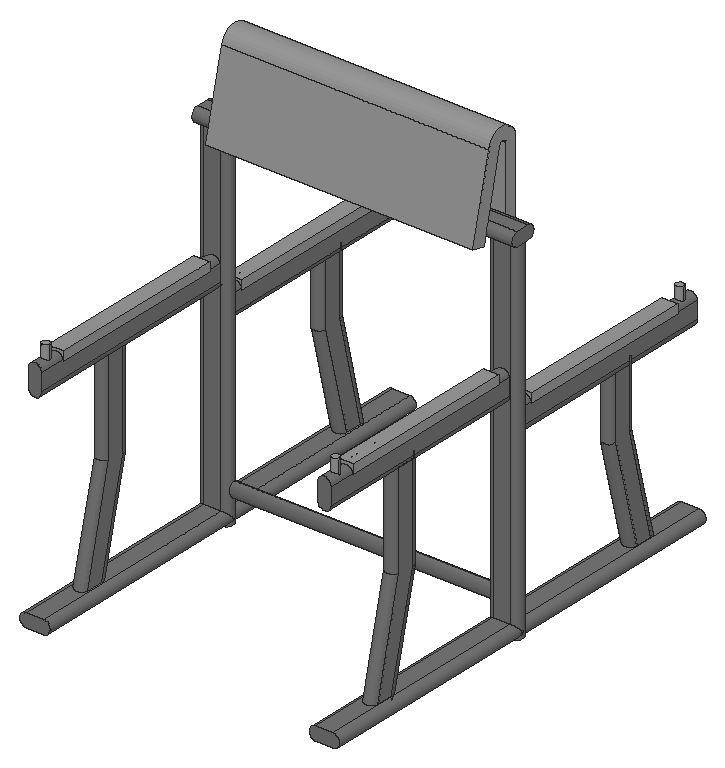
Revit family "Скамья Скотта (парта для бицепса)", category Оборудование, Revit 2017
Family settings
  Размер круглого соединителя = Использовать диаметр
  Тип детали = Нормальный
  На основе рабочей плоскости = Нет
  Всегда вертикально = Да
  При загрузке вырезать с полостями = Нет
  Общий = Нет
  Точка расчета площади = Нет
Parameters (values of type "840x1200x1170")
  Ширина = 840.0 mm
  Примечание = ""
  Позиция = ""
  Обозначение = ""
  Наименование = "Парта для бицепса/Скамья Скотта"
  Масса = "95"
  Код оборудования = ""
  Keynote = ""
  Изготовитель = "Severin"
  Завод = ""
  Единицы = "шт."
  Группа модели = "ТХ"
  Глубина = 1200.0 mm
  Высота = 1170.0 mm
Reference planes
  plane 1 "По центру (Вперед/Назад)": y = 0
  plane 2: z = 0
  plane 3 "По центру (Влево/Вправо)": x = 0
  plane 4: x = -420
  plane 5: x = 420
  plane 6: y = 600
  plane 7: y = -600
  plane 8: z = 1170
  plane 9: z = 0
Forms (mm)
  Extrusion 1, solid, material "Сталь, окрашенная, темно-серая, матовая", detail levels coarse+fine
    sketch origin (0, 0, 0) x (1, 0, 0) y (0, 0, 1)
      loop
        line (-402.5, 0) -> (-357.5, 0)
        arc (-357.5, 0) -> (-340, 17.5) -> (-357.5, 35) r 17.5
        line (-357.5, 35) -> (-402.5, 35)
        arc (-402.5, 35) -> (-420, 17.5) -> (-402.5, 0) r 17.5
      loop
        arc (402.5, 0) -> (420, 17.5) -> (402.5, 35) r 17.5
        line (402.5, 35) -> (357.5, 35)
        arc (357.5, 35) -> (340, 17.5) -> (357.5, 0) r 17.5
        line (357.5, 0) -> (402.5, 0)
    from -600 to 600
  Extrusion 2, solid, material "Сталь, окрашенная, темно-серая, матовая", detail levels fine
    sketch origin (0, 0, 0) x (1, 0, 0) y (0, 1, 0)
      loop
        line (-402.5, -17.5) -> (-357.5, -17.5)
        arc (-357.5, -17.5) -> (-340, 0) -> (-357.5, 17.5) r 17.5
        line (-357.5, 17.5) -> (-402.5, 17.5)
        arc (-402.5, 17.5) -> (-420, 0) -> (-402.5, -17.5) r 17.5
      loop
        arc (402.5, -17.5) -> (420, 0) -> (402.5, 17.5) r 17.5
        line (402.5, 17.5) -> (357.5, 17.5)
        arc (357.5, 17.5) -> (340, 0) -> (357.5, -17.5) r 17.5
        line (357.5, -17.5) -> (402.5, -17.5)
    from 0 to 929.262
  Extrusion 3, solid, material "Сталь, окрашенная, темно-серая, матовая", detail levels fine
    sketch origin (0, 0, 0) x (0, 1, 0) y (0, 0, 1)
      loop
        line (-17.5, 929.262) -> (17.5, 929.262)
        arc (17.5, 929.262) -> (35, 946.762) -> (17.5, 964.262) r 17.5
        line (17.5, 964.262) -> (-17.5, 964.262)
        arc (-17.5, 964.262) -> (-35, 946.762) -> (-17.5, 929.262) r 17.5
    from -420 to 420
  Extrusion 4, solid, material "Кожа, темно-коричневая", detail levels coarse+fine
    sketch origin (0, -2.5, -17.5) x (0, 1, 0) y (0, 0, 1)
      loop
        arc (65, 1148.013) -> (23.552, 1188.05) -> (-22.738, 1153.728) r 44.565
        line (-22.738, 1153.728) -> (-73.52, 940.935) -> (-39.371, 932.785) -> (11.453, 1144.308)
        arc (11.453, 1144.308) -> (22.85, 1155.075) -> (35, 1145.166) r 11.881
        line (35, 1145.166) -> (35, 911.762) -> (65, 911.762) -> (65, 1148.013)
    from -350 to 350
  Extrusion 5, solid, material "Сталь, окрашенная, темно-серая, матовая", detail levels fine
    sketch origin (0, 0, 0) x (1, 0, 0) y (0, 0, 1)
      loop
        line (-397.5, 612.5) -> (-397.5, 567.5)
        arc (-397.5, 567.5) -> (-380, 550) -> (-362.5, 567.5) r 17.5
        line (-362.5, 567.5) -> (-362.5, 612.5)
        arc (-362.5, 612.5) -> (-380, 630) -> (-397.5, 612.5) r 17.5
      loop
        arc (397.5, 612.5) -> (380, 630) -> (362.5, 612.5) r 17.5
        line (362.5, 612.5) -> (362.5, 567.5)
        arc (362.5, 567.5) -> (380, 550) -> (397.5, 567.5) r 17.5
        line (397.5, 567.5) -> (397.5, 612.5)
    from 0 to 600
  Extrusion 6, solid, material "Сталь, окрашенная, темно-серая, матовая", detail levels fine
    sketch origin (0, 0, -90) x (1, 0, 0) y (0, 0, -1)
      loop
        arc (-397.5, -612.5) -> (-380, -630) -> (-362.5, -612.5) r 17.5
        line (-362.5, -612.5) -> (-362.5, -567.5)
        arc (-362.5, -567.5) -> (-380, -550) -> (-397.5, -567.5) r 17.5
        line (-397.5, -567.5) -> (-397.5, -612.5)
      loop
        line (397.5, -612.5) -> (397.5, -567.5)
        arc (397.5, -567.5) -> (380, -550) -> (362.5, -567.5) r 17.5
        line (362.5, -567.5) -> (362.5, -612.5)
        arc (362.5, -612.5) -> (380, -630) -> (397.5, -612.5) r 17.5
    from 0 to 600
  Sweep 7, solid, material "Сталь, окрашенная, темно-серая, матовая", detail levels coarse+fine
    path origin (0, 0, 0) x (0, 1, 0) y (0, 0, 1)
      loop
        line (-517.01, 34.205) -> (-445.643, 320.442) -> (-445.643, 590)
    profile origin (0, -481.327, 177.324) x (0, -0.970296, 0.241922) y (1, 0, 0)
      loop
        line (-112.478, 363) -> (-67.478, 363)
        arc (-67.478, 363) -> (-50.478, 380) -> (-67.478, 397) r 17
        line (-67.478, 397) -> (-112.478, 397)
        arc (-112.478, 397) -> (-129.478, 380) -> (-112.478, 363) r 17
  Sweep 8, solid, material "Сталь, окрашенная, темно-серая, матовая", detail levels coarse+fine
    path origin (0, 0, 0) x (0, 1, 0) y (0, 0, -1)
      loop
        line (-517.01, -34.205) -> (-445.643, -320.442) -> (-445.643, -590)
    profile origin (0, -481.327, 177.324) x (0, 0.970296, -0.241922) y (-1, 0, 0)
      loop
        arc (112.478, 363) -> (129.478, 380) -> (112.478, 397) r 17
        line (112.478, 397) -> (67.478, 397)
        arc (67.478, 397) -> (50.478, 380) -> (67.478, 363) r 17
        line (67.478, 363) -> (112.478, 363)
  Sweep 9, solid, material "Сталь, окрашенная, темно-серая, матовая", detail levels coarse+fine
    path origin (0, 0, 0) x (0, -1, 0) y (0, 0, 1)
      loop
        line (-517.01, 34.205) -> (-445.643, 320.442) -> (-445.643, 500)
    profile origin (0, 481.327, 177.324) x (0, -0.970296, -0.241922) y (1, 0, 0)
      loop
        arc (112.478, 363) -> (129.478, 380) -> (112.478, 397) r 17
        line (112.478, 397) -> (67.478, 397)
        arc (67.478, 397) -> (50.478, 380) -> (67.478, 363) r 17
        line (67.478, 363) -> (112.478, 363)
  Sweep 10, solid, material "Сталь, окрашенная, темно-серая, матовая", detail levels coarse+fine
    path origin (0, 0, 0) x (0, -1, 0) y (0, 0, 1)
      loop
        line (-517.01, 34.205) -> (-445.643, 320.442) -> (-445.643, 500)
    profile origin (0, 481.327, 177.324) x (0, 0.970296, 0.241922) y (-1, 0, 0)
      loop
        line (-112.478, 363) -> (-67.478, 363)
        arc (-67.478, 363) -> (-50.478, 380) -> (-67.478, 397) r 17
        line (-67.478, 397) -> (-112.478, 397)
        arc (-112.478, 397) -> (-129.478, 380) -> (-112.478, 363) r 17
  Extrusion 11, solid, material "Сталь, окрашенная, темно-серая, матовая", detail levels fine
    sketch origin (0, 0, 0) x (0, 1, 0) y (0, 0, 1)
      loop
        spline (0, 65) -> (2.588, 65.681) -> (5, 67.679) -> (7.071, 70.858) -> (8.66, 75) -> (9.659, 79.824) -> (10, 85) -> (9.659, 90.176) -> (8.66, 95) -> (7.071, 99.142) -> (5, 102.321) -> (2.588, 104.319) -> (0, 105)
        spline (0, 105) -> (-2.588, 104.319) -> (-5, 102.321) -> (-7.071, 99.142) -> (-8.66, 95) -> (-9.659, 90.176) -> (-10, 85) -> (-9.659, 79.824) -> (-8.66, 75) -> (-7.071, 70.858) -> (-5, 67.679) -> (-2.588, 65.681) -> (0, 65)
    from -363 to 363
  Extrusion 12, solid, material "Пластмасса, непрозрачная, черная", detail levels fine
    sketch origin (0, 35, 0) x (1, 0, 0) y (0, 1, 0)
      loop
        circle (-380, -600) r 10
      loop
        circle (380, -600) r 10
    from 590 to 661.888
  Extrusion 13, solid, material "Пластмасса, непрозрачная, черная", detail levels fine
    sketch origin (0, -35, 0) x (1, 0, 0) y (0, 1, 0)
      loop
        circle (-380, 600) r 10
      loop
        circle (380, 600) r 10
    from 500 to 569.628
  Extrusion 14, solid, material "Пластмасса, непрозрачная, черная", detail levels coarse+fine
    sketch origin (0, 0, 0) x (1, 0, 0) y (0, 0, 1)
      loop
        line (-362.5, 612.5) -> (-359.5, 612.5) -> (-359.5, 635.983) -> (-400.5, 635.983) -> (-400.5, 612.5) -> (-397.5, 612.5)
        arc (-397.5, 612.5) -> (-380, 630) -> (-362.5, 612.5) r 17.5
    from 53.961 to 531.643
  Extrusion 15, solid, material "Пластмасса, непрозрачная, черная", detail levels coarse+fine
    sketch origin (0, 0, 0) x (-1, 0, 0) y (0, 0, -1)
      loop
        arc (-362.5, -612.5) -> (-380, -630) -> (-397.5, -612.5) r 17.5
        line (-397.5, -612.5) -> (-400.5, -612.5) -> (-400.5, -635.983) -> (-359.5, -635.983) -> (-359.5, -612.5) -> (-362.5, -612.5)
    from 53.961 to 531.643
  Extrusion 16, solid, material "Пластмасса, непрозрачная, черная", detail levels coarse+fine
    sketch origin (0, 0, -90) x (-1, 0, 0) y (0, 0, 1)
      loop
        line (-362.5, 612.5) -> (-359.5, 612.5) -> (-359.5, 635.983) -> (-400.5, 635.983) -> (-400.5, 612.5) -> (-397.5, 612.5)
        arc (-397.5, 612.5) -> (-380, 630) -> (-362.5, 612.5) r 17.5
    from 53.961 to 531.643
  Extrusion 17, solid, material "Пластмасса, непрозрачная, черная", detail levels coarse+fine
    sketch origin (0, 0, -90) x (1, 0, 0) y (0, 0, -1)
      loop
        arc (-362.5, -612.5) -> (-380, -630) -> (-397.5, -612.5) r 17.5
        line (-397.5, -612.5) -> (-400.5, -612.5) -> (-400.5, -635.983) -> (-359.5, -635.983) -> (-359.5, -612.5) -> (-362.5, -612.5)
    from 53.961 to 531.643
Lines and regions (mm)
  symbolic lines, detail levels medium
    curve 1: line (420, -600, 0) -> (-420, -600, 0)
    curve 2: line (420, 600, 0) -> (420, -600, 0)
    curve 3: line (-420, 600, 0) -> (420, 600, 0)
    curve 4: line (-420, -600, 0) -> (-420, 600, 0)
    curve 5: line (-13.163, -600, 0) -> (0, -496.201, 0)
    curve 6: line (13.163, -600, 0) -> (0, -496.201, 0)
Dimensions and locks
  equal spacing: plane 4, plane 3 "По центру (Влево/Вправо)", plane 5
  "Ширина": plane 4 to plane 5
  equal spacing: plane 6, plane 1 "По центру (Вперед/Назад)", plane 7
  "Глубина": plane 6 to plane 7
  "Высота": plane 8 to plane 2
  plane 1 "По центру (Вперед/Назад)" to Extrusion 2 = 17.5 mm
  aligned and locked: level to plane 2
  aligned and locked: plane 6 to Extrusion 1
  aligned and locked: Extrusion 1 to plane 7
Automatic sketch dimensions
  curve 1 to plane 4 = 0.0 mm
  curve 5 to plane 7 = 0.0 mm
  curve 5 to plane 3 "По центру (Влево/Вправо)" = 0.0 mm
  curve 2 to plane 5 = 0.0 mm
  curve 3 to plane 6 = 0.0 mm
  plane 7 to curve 5 = 103.799 mm
  curve 5 to plane 3 "По центру (Влево/Вправо)" = 13.163 mm
  plane 3 "По центру (Влево/Вправо)" to curve 6 = 13.163 mm
  Extrusion 1 sketch curve to level = 0.0 mm  (x2)
  plane 4 to Extrusion 1 sketch curve = 17.5 mm
  Extrusion 1 sketch curve to Extrusion 1 sketch curve = 45.0 mm
  Extrusion 1 sketch curve to plane 5 = 62.5 mm
  Extrusion 1 sketch curve to plane 5 = 17.5 mm
  level to Extrusion 1 sketch curve = 17.5 mm  (x2)
  plane 1 "По центру (Вперед/Назад)" to Extrusion 2 sketch curve = 0.0 mm  (x2)
  plane 4 to Extrusion 2 sketch curve = 17.5 mm
  plane 1 "По центру (Вперед/Назад)" to Extrusion 2 sketch curve = 17.5 mm  (x2)
  Extrusion 2 sketch curve to Extrusion 2 sketch curve = 45.0 mm
  Extrusion 2 sketch curve to plane 5 = 62.5 mm
  Extrusion 2 sketch curve to plane 5 = 17.5 mm
  plane 1 "По центру (Вперед/Назад)" to Extrusion 3 sketch curve = 17.5 mm
  Extrusion 3 sketch curve to plane 1 "По центру (Вперед/Назад)" = 17.5 mm
  Extrusion 3 sketch curve to plane 8 = 240.738 mm
  Extrusion 3 sketch curve to Extrusion 3 sketch curve = 17.5 mm
  plane 1 "По центру (Вперед/Назад)" to Extrusion 4 sketch curve = 76.02 mm
  Extrusion 4 sketch curve to Extrusion 4 sketch curve = 34.149 mm
  plane 1 "По центру (Вперед/Назад)" to Extrusion 4 sketch curve = 25.238 mm
  Extrusion 4 sketch curve to plane 1 "По центру (Вперед/Назад)" = 8.953 mm
  Extrusion 4 sketch curve to Extrusion 4 sketch curve = 9.203 mm
  Extrusion 4 sketch curve to Extrusion 4 sketch curve = 2.627 mm
  Extrusion 4 sketch curve to Extrusion 4 sketch curve = 11.717 mm
  Extrusion 4 sketch curve to Extrusion 4 sketch curve = 30.0 mm
  Extrusion 4 sketch curve to plane 8 = 275.738 mm
  Extrusion 4 sketch curve to Extrusion 4 sketch curve = 21.023 mm
  Extrusion 4 sketch curve to Extrusion 4 sketch curve = 8.149 mm
  Extrusion 4 sketch curve to Extrusion 4 sketch curve = 10.148 mm
  Extrusion 4 sketch curve to Extrusion 4 sketch curve = 0.377 mm
  Extrusion 4 sketch curve to Extrusion 4 sketch curve = 1.106 mm
  plane 4 to Extrusion 5 sketch curve = 22.5 mm
  Extrusion 5 sketch curve to Extrusion 5 sketch curve = 17.5 mm  (x2)
  Extrusion 5 sketch curve to plane 5 = 57.5 mm
  level to Extrusion 5 sketch curve = 567.5 mm  (x2)
  Extrusion 5 sketch curve to Extrusion 5 sketch curve = 45.0 mm  (x2)
  plane 4 to Extrusion 6 sketch curve = 22.5 mm
  Extrusion 6 sketch curve to Extrusion 6 sketch curve = 17.5 mm  (x2)
  Extrusion 6 sketch curve to plane 5 = 57.5 mm
  level to Extrusion 6 sketch curve = 522.5 mm  (x2)
  Extrusion 6 sketch curve to Extrusion 6 sketch curve = 45.0 mm  (x2)
  plane 7 to Sweep 7 sketch curve = 154.357 mm
  level to Sweep 7 sketch curve = 320.442 mm
  level to Sweep 7 sketch curve = 34.205 mm
  plane 7 to Sweep 7 sketch curve = 82.99 mm
  Sweep 7 sketch curve to Sweep 7 sketch curve = 269.558 mm
  profile plane to Sweep 7 sketch curve = 112.478 mm
  Sweep 7 sketch curve to Sweep 7 sketch curve = 45.0 mm
  plane 3 "По центру (Влево/Вправо)" to Sweep 7 sketch curve = 363.0 mm
  Sweep 7 sketch curve to Sweep 7 sketch curve = 17.0 mm
  plane 7 to Sweep 8 sketch curve = 154.357 mm
  level to Sweep 8 sketch curve = 320.442 mm
  level to Sweep 8 sketch curve = 34.205 mm
  plane 7 to Sweep 8 sketch curve = 82.99 mm
  Sweep 8 sketch curve to Sweep 8 sketch curve = 269.558 mm
  Sweep 8 sketch curve to profile plane = 67.478 mm
  Sweep 8 sketch curve to Sweep 8 sketch curve = 45.0 mm
  profile plane to Sweep 8 sketch curve = 363.0 mm
  Sweep 8 sketch curve to Sweep 8 sketch curve = 17.0 mm
  plane 6 to Sweep 9 sketch curve = 154.357 mm
  Sweep 9 sketch curve to level = 320.442 mm
  Sweep 9 sketch curve to level = 34.205 mm
  plane 6 to Sweep 9 sketch curve = 82.99 mm
  Sweep 9 sketch curve to Sweep 9 sketch curve = 179.558 mm
  Sweep 9 sketch curve to profile plane = 67.478 mm
  Sweep 9 sketch curve to Sweep 9 sketch curve = 45.0 mm
  plane 3 "По центру (Влево/Вправо)" to Sweep 9 sketch curve = 363.0 mm
  Sweep 9 sketch curve to Sweep 9 sketch curve = 17.0 mm
  Sweep 10 sketch curve to plane 6 = 154.357 mm
  level to Sweep 10 sketch curve = 320.442 mm
  level to Sweep 10 sketch curve = 34.205 mm
  Sweep 10 sketch curve to plane 6 = 82.99 mm
  Sweep 10 sketch curve to Sweep 10 sketch curve = 179.558 mm
  profile plane to Sweep 10 sketch curve = 112.478 mm
  Sweep 10 sketch curve to Sweep 10 sketch curve = 45.0 mm
  profile plane to Sweep 10 sketch curve = 363.0 mm
  Sweep 10 sketch curve to Sweep 10 sketch curve = 17.0 mm
  Extrusion 11 sketch curve to plane 1 "По центру (Вперед/Назад)" = 0.0 mm
  level to Extrusion 11 sketch curve = 65.0 mm
  Extrusion 11 sketch curve to Extrusion 11 sketch curve = 20.0 mm
  plane 4 to Extrusion 12 sketch curve = 40.0 mm
  Extrusion 12 sketch curve to plane 5 = 40.0 mm
  plane 7 to Extrusion 12 sketch curve = 35.0 mm  (x2)
  Extrusion 13 sketch curve to plane 4 = 40.0 mm
  plane 5 to Extrusion 13 sketch curve = 40.0 mm
  plane 6 to Extrusion 13 sketch curve = 35.0 mm  (x2)
  plane 4 to Extrusion 14 sketch curve = 19.5 mm
  Extrusion 14 sketch curve to Extrusion 14 sketch curve = 3.0 mm  (x2)
  Extrusion 14 sketch curve to Extrusion 14 sketch curve = 17.5 mm
  Extrusion 14 sketch curve to plane 8 = 557.5 mm
  Extrusion 14 sketch curve to Extrusion 14 sketch curve = 23.483 mm
  plane 5 to Extrusion 15 sketch curve = 19.5 mm
  Extrusion 15 sketch curve to Extrusion 15 sketch curve = 3.0 mm  (x2)
  Extrusion 15 sketch curve to Extrusion 15 sketch curve = 17.5 mm
  plane 8 to Extrusion 15 sketch curve = 557.5 mm
  Extrusion 15 sketch curve to Extrusion 15 sketch curve = 23.483 mm
  Extrusion 16 sketch curve to plane 5 = 19.5 mm
  Extrusion 16 sketch curve to Extrusion 16 sketch curve = 3.0 mm  (x2)
  Extrusion 16 sketch curve to Extrusion 16 sketch curve = 17.5 mm
  Extrusion 16 sketch curve to plane 8 = 647.5 mm
  Extrusion 16 sketch curve to Extrusion 16 sketch curve = 23.483 mm
  plane 4 to Extrusion 17 sketch curve = 19.5 mm
  Extrusion 17 sketch curve to Extrusion 17 sketch curve = 3.0 mm  (x2)
  Extrusion 17 sketch curve to Extrusion 17 sketch curve = 17.5 mm
  Extrusion 17 sketch curve to plane 8 = 624.017 mm
  Extrusion 17 sketch curve to Extrusion 17 sketch curve = 23.483 mm
  radius of Extrusion 12 sketch curve = 10.0 mm  (x2)
  radius of Extrusion 13 sketch curve = 10.0 mm  (x2)
